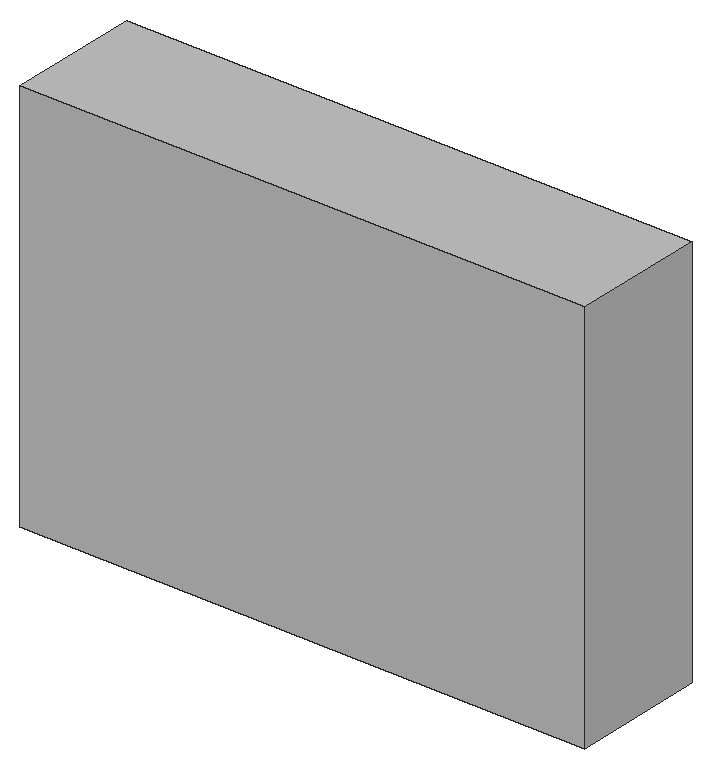
Revit family "251280 Delta kontrollpanel m-eBus", category Electrical Equipment, Revit 2016
Family settings
  Part Type = Other Panel
  Round Connector Dimension = Use Diameter
  OmniClass Number = 23.85.30.21.11
  OmniClass Title = Fire Detection, Monitoring and Alarm
  Work Plane-Based = No
  Always vertical = Yes
  Cut with Voids When Loaded = No
  Shared = No
  Room Calculation Point = No
Parameters (values of type "Betjeningsenhet")
  Type Comments = "-OS"
  Panel Name [instance] = "542"
  NS8360 = "5422_XN5"
  Manufacturer = "Honeywell"
  Keynote = "XN5"
  CQFontSymboler = "t"
  CQ Width = 300 mm
  CQ Voltage = 230 V
  CQ Type tekst synlig = yes
  CQ Type = "NL"
  CQ Depth = 71 mm
  CQ Montering tekst synlig [instance] = no
  CQ Montering [instance] = "Vegg"
  CQ Material = Laminate, Grey
  CQ Symbol Positive Direction [instance] = yes
  CQ Symbol Offset Side [instance] = 0 mm
  CQ Symbol Offset Out [instance] = 0 mm
  CQ Height = 210 mm
  CQ Font = 0 mm
  CQ Display = Laminate, Green
  Assembly Code = "5422"
Reference planes
  plane 1 "Center (Front/Back)": y = 0
  plane 2: z = 0
  plane 3 "Center (Left/Right)": x = 0
  plane 4: z = 105
  plane 5: z = -105
  plane 6: x = -150
  plane 7: x = 150
  plane 8 "Front": y = 71
  plane 9: z = 75
  plane 10: y = 72
  plane 11: x = -125
Forms (mm)
  Extrusion 1, solid, material "Laminate, Grey" <- "CQ Material"
    sketch origin (0, -130, 0) x (-1, 0, 0) y (0, 0, 1)
      loop
        line (150, 105) -> (-150, 105) -> (-150, -105) -> (150, -105) -> (150, 105)
    from 130 to 201
  Extrusion 2, solid, material "Laminate, Green" <- "CQ Display"
    sketch origin (5, 182, 0) x (1, 0, 0) y (0, 0, -1)
      loop
        line (0, -75) -> (0, -35) -> (-130, -35) -> (-130, -75) -> (0, -75)
    from -111 to -110
Lines and regions (mm)
  model lines, style "InvisibleLines"
    curve 1: line (0, 0, 0) -> (0, 0, 5)
  symbolic lines, style "InvisibleLines"
    curve 2: line (0, 71, 0) -> (0, 71, 530)
    curve 3: line (-150, 71, 0) -> (150, 71, 0)
    curve 4: line (150, 71, 0) -> (150, 0, 0)
    curve 5: line (-150, 0, 0) -> (-150, 71, 0)
Dimensions and locks
  equal spacing: plane 7, plane 3 "Center (Left/Right)", plane 6
  "CQ Width": plane 7 to plane 6
  equal spacing: plane 4, level, plane 5
  "CQ Height": plane 4 to plane 5
  "CQ Depth": plane 8 "Front" to plane 1 "Center (Front/Back)"
  plane 4 to plane 9 = 30 mm
  locked: plane 10 to plane 8 "Front" at 1
  locked: plane 11 to plane 6 at 25
  locked: Extrusion 2 sketch curve to plane 11 at 130
  locked: plane 9 to Extrusion 2 sketch curve at 40
  aligned and locked: level to plane 2
  aligned and locked: plane 3 "Center (Left/Right)" to nested 1
  aligned and locked: plane 1 "Center (Front/Back)" to nested 1
  aligned and locked: Extrusion 1 sketch curve to plane 6
  aligned and locked: Extrusion 1 sketch curve to plane 5
  aligned and locked: plane 7 to Extrusion 1 sketch curve
  aligned and locked: plane 8 "Front" to Extrusion 1
  aligned and locked: plane 1 "Center (Front/Back)" to Extrusion 1
  aligned and locked: plane 3 "Center (Left/Right)" to curve 2
  aligned and locked: level to curve 2
  aligned and locked: curve 3 to plane 8 "Front"
  aligned and locked: plane 7 to Extrusion 1
  aligned and locked: Extrusion 1 to plane 6
  aligned and locked: Extrusion 2 to plane 8 "Front"
  aligned and locked: plane 10 to Extrusion 2
  aligned and locked: plane 9 to Extrusion 2 sketch curve
Automatic sketch dimensions
  curve 1 to plane 3 "Center (Left/Right)" = 0 mm
  curve 1 to level = 0 mm
  level to curve 1 = 5 mm
  curve 5 to plane 6 = 0 mm
  plane 1 "Center (Front/Back)" to curve 4 = 0 mm
  curve 4 to plane 7 = 0 mm
  plane 1 "Center (Front/Back)" to curve 5 = 0 mm
  Extrusion 1 sketch curve to plane 4 = 0 mm
  plane 4 to curve 2 = 425 mm
  Extrusion 2 sketch curve to plane 11 = 0 mm
Nested families
  nested 1: "Brannalarmsentral Symbol" at (0, 0, 0), type "Type 1"
Connectors
  electrical at (0, 0, 0), driven by "CQ Voltage"
    settings: index 1, voltage 230 V, apparent load 0 VA, apparent load phase1 0 VA, apparent load phase2 0 VA, apparent load phase3 0 VA, power factor 1, load classification "Other", number of poles 1, system type 31, power factor state 1, is connector primary yes, connector utility no, sub classification motor no, connector description ""
  electrical at (0, 0, 0)
    settings: index 2, voltage 0 V, apparent load 0 VA, apparent load phase1 0 VA, apparent load phase2 0 VA, apparent load phase3 0 VA, power factor 1, load classification "Other", number of poles 1, system type 11, power factor state 1, is connector primary no, connector utility no, sub classification motor no, connector description ""
Definition of nested family "Brannalarmsentral Symbol"
  Parameters (values of type "Type 1")
    Type tekst synlig = yes
    Type = "BS"
    Montering tekst synlig = no
    Montering = "Vegg"
    CQ Symbol Positive Direction = yes
    CQ Symbol Negative Direction = not(CQ Symbol Positive Direction)  # no
    CQ Symbol Offset Side = 0 mm
    CQ Symbol Offset Out = 0 mm
  Reference planes
    plane 1: y = 0
    plane 2: x = 0
  Dimensions and locks
    "CQ Symbol Offset Side": nested 2 to plane 2
    "CQ Symbol Offset Side": plane 2 to nested 1
    "CQ Symbol Offset Out": plane 1 to nested 1
    "CQ Symbol Offset Out": plane 1 to nested 2
  Nested families
    nested 1: "Brannalarmsentral" at (0, 0, 0), visible <- "CQ Symbol Positive Direction", type "Type1"
    nested 2: "Brannalarmsentral" at (0, 0, 0), visible <- "CQ Symbol Negative Direction", type "Type1"
  Definition of nested family "Brannalarmsentral"
    Parameters (values of type "Type1")
      Type tekst synlig = yes
      Type = "BS"
      Montering tekst synlig = no
      Montering = "Vegg"
    Reference planes
      plane 1: y = 0
      plane 2: x = 0
    Lines and regions (mm)
      detail lines
        curve 1: line (-2.5, 2, 0) -> (2.5, 2, 0)
        curve 2: line (2.5, 2, 0) -> (2.5, 7, 0)
        curve 3: line (2.5, 7, 0) -> (-2.5, 7, 0)
        curve 4: line (-2.5, 7, 0) -> (-2.5, 2, 0)
        curve 5: circle (-1.25, 3, 0) r 0.25 normal (0, 0, 1)
        curve 6: line (-1.25, 3.75, 0) -> (-1, 6, 0)
        curve 7: arc (-1, 6, 0) -> (-1.25, 6.25, 0) -> (-1.5, 6, 0) r 0.25
        curve 8: line (-1.5, 6, 0) -> (-1.25, 3.75, 0)
        curve 9: line (-1.25, 5, 0) -> (-1.25, 6, 0)
      detail lines, visible <- "Type tekst synlig"
        curve 10: line (-2.5, 0, 0) -> (2.5, 0, 0)
        curve 11: line (-2.5, 0, 0) -> (-2.5, 2, 0)
        curve 12: line (2.5, 0, 0) -> (2.5, 2, 0)
    Nested families
      nested 1: "txt 1_50" at (3.379, 6.924, 0), visible <- "Montering tekst synlig", Type Name <- "Montering", type "txt"
        with Type Name "Vegg"
      nested 2: "txt 1_50" at (-1.949, 0.863, 0), visible <- "Type tekst synlig", Type Name <- "Type", type "txt"
        with Type Name "BS"
    Definition of nested family "txt 1_50"
      Parameters (values of type "txt")
        Type Name [instance] = "HIM"
      Reference planes
        plane 1: y = 0
        plane 2: x = 0
      Text (mm)
        label "TXT" at (1.952, 0, 0), shows "Type Name"
